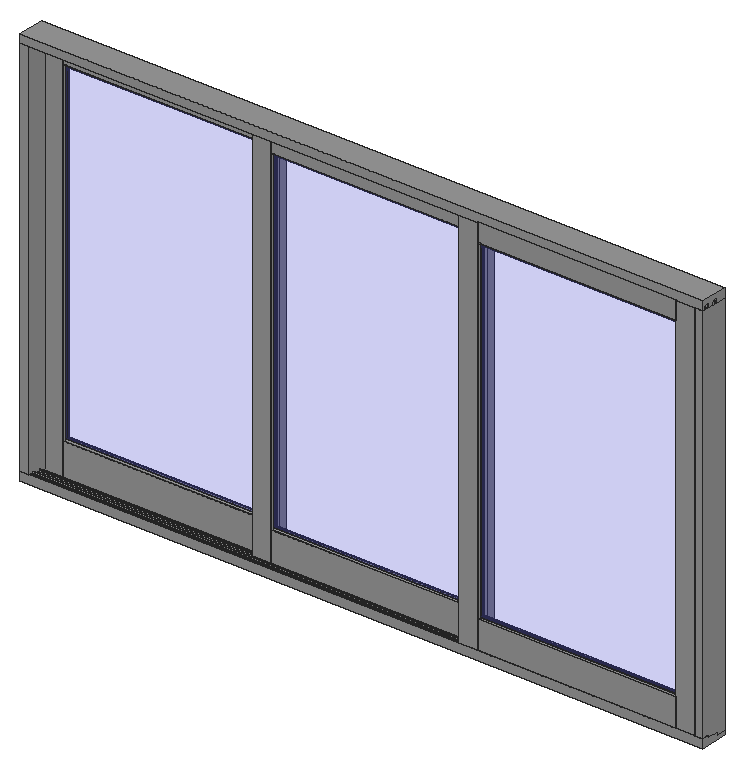
Revit family "VSD3.6TS LH", category Doors, host Wall, Revit 2015
Parameters (values of type "VSD3.6TS LH")
  Function = Interior
  Frame Projection Ext. = 25 mm
  Frame Projection Int. = 25 mm
  Frame Width = 75 mm
  Height = 2100 mm
  Wall Closure = By host
  Width = 3580 mm
Reference planes
  plane 1: y = 0
  plane 2 "Center (Left/Right)": x = 0
  plane 3 "Left": x = -1790
  plane 4 "Right": x = 1790
  plane 5: z = 2100
  plane 6 "Exterior": y = 75
  plane 7 "Interior": y = -75
  plane 8: x = 1745
  plane 9: x = 1640
  plane 10: x = -1745
  plane 11: x = -1640
  plane 12: x = 616.667
  plane 13: x = 511.667
  plane 14: x = -616.667
  plane 15: x = -511.667
  plane 16: x = 616.667
  plane 17: x = 511.667
  plane 18: x = -616.667
  plane 19: x = -511.667
  plane 20: x = -1640
  plane 21: x = -1745
  plane 22: x = -511.667
  plane 23: x = -616.667
Forms (mm)
  Extrusion 1, solid, material "Lauan, Meranti"
    sketch origin (0, 79.18, -119.746) x (0, 1, 0) y (0, 0, -1)
      loop
        line (-149.18, -119.746) -> (-149.18, -164.746) -> (-141.18, -164.746) -> (-141.18, -163.746) -> (-117.18, -163.746) -> (-117.18, -152.746) -> (-85.18, -152.746) -> (-85.18, -151.746) -> (-61.18, -151.746) -> (-61.18, -140.746) -> (-9.18, -140.746) -> (-9.18, -119.746) -> (-149.18, -119.746)
    from -1790 to 1790
  Extrusion 2, solid, material "Lauan, Meranti"
    sketch origin (0, 0, 0) x (0, 1, 0) y (0, 0, -1)
      loop
        line (70, -2100) -> (70, -2055) -> (17, -2055) -> (17, -2075) -> (-5, -2075) -> (-5, -2055) -> (-39, -2055) -> (-39, -2075) -> (-61, -2075) -> (-61, -2055) -> (-70, -2055) -> (-70, -2100) -> (70, -2100)
    from -1790 to 1790
  Extrusion 3, solid, material "Lauan, Meranti"
    sketch origin (0, 0, 0) x (-1, 0, 0) y (0, -1, 0)
      loop
        line (-1790, -70) -> (-1747, -70) -> (-1747, -50) -> (-1745, -50) -> (-1745, 70) -> (-1790, 70) -> (-1790, -70)
      loop
        line (1790, -70) -> (1790, 70) -> (1745, 70) -> (1745, -50) -> (1747, -50) -> (1747, -70) -> (1790, -70)
    from 45 to 2055
  Extrusion 4, solid, material "Lauan, Meranti"
    sketch origin (0, 0, 0) x (-1, 0, 0) y (0, -1, 0)
      loop
        line (-1745, -50) -> (-1745, 38) -> (-1790, 38) -> (-1790, -70) -> (-1747, -70) -> (-1747, -50) -> (-1745, -50)
      loop
        line (1745, -50) -> (1747, -50) -> (1747, -70) -> (1790, -70) -> (1790, 38) -> (1745, 38) -> (1745, -50)
    from 33 to 45
  Extrusion 5, solid, material "Steel, Chrome Plated"
    sketch origin (0, 0, 0) x (0, 1, 0) y (0, 0, -1)
      loop
        line (-38, -45) -> (-38, -44) -> (-62, -44) -> (-62, -45) -> (-51, -45) -> (-51, -46.882)
        arc (-51, -46.882) -> (-50, -49.5) -> (-49, -46.882) r 1.5
        line (-49, -46.882) -> (-49, -45) -> (-38, -45)
    from -1790 to 1790
  Extrusion 6, solid, material "Lauan, Meranti"
    sketch origin (0, 0, 0) x (-1, 0, 0) y (0, -1, 0)
      loop
        line (-1790, -70) -> (-1747, -70) -> (-1747, -50) -> (-1745, -50) -> (-1745, -18) -> (-1790, -18) -> (-1790, -70)
      loop
        line (1790, -70) -> (1790, -18) -> (1745, -18) -> (1745, -50) -> (1747, -50) -> (1747, -70) -> (1790, -70)
    from 21 to 33
  Extrusion 7, solid, material "Steel, Chrome Plated"
    sketch origin (0, 56, -12) x (0, 1, 0) y (0, 0, -1)
      loop
        line (-38, -45) -> (-38, -44) -> (-62, -44) -> (-62, -45) -> (-51, -45) -> (-51, -46.882)
        arc (-51, -46.882) -> (-50, -49.5) -> (-49, -46.882) r 1.5
        line (-49, -46.882) -> (-49, -45) -> (-38, -45)
    from -616.667 to 1790
  Extrusion 8, solid, material "Lauan, Meranti"
    sketch origin (0, 0, 0) x (-1, 0, 0) y (0, -1, 0)
      loop
        line (-1649, 70) -> (-1745, 70) -> (-1745, 30) -> (-1649, 30) -> (-1649, 60) -> (-1640, 60) -> (-1640, 62) -> (-1642, 62)
        arc (-1642, 62) -> (-1644.265, 66.44) -> (-1649, 68) r 6.549
        line (-1649, 68) -> (-1649, 70)
      loop
        line (-607.667, 70) -> (-607.667, 68)
        arc (-607.667, 68) -> (-612.401, 66.44) -> (-614.667, 62) r 6.549
        line (-614.667, 62) -> (-616.667, 62) -> (-616.667, 60) -> (-607.667, 60) -> (-607.667, 30) -> (-511.667, 30) -> (-511.667, 70) -> (-607.667, 70)
    from 45 to 2055
  Extrusion 9, solid, material "Lauan, Meranti"
    sketch origin (-1630, 104, 0) x (-1, 0, 0) y (0, -1, 0)
      loop
        line (19, 70) -> (19, 68)
        arc (19, 68) -> (14.265, 66.44) -> (12, 62) r 6.549
        line (12, 62) -> (10, 62) -> (10, 60) -> (19, 60) -> (19, 30) -> (115, 30) -> (115, 70) -> (19, 70)
      loop
        line (-1022.333, 70) -> (-1118.333, 70) -> (-1118.333, 30) -> (-1022.333, 30) -> (-1022.333, 60) -> (-1013.333, 60) -> (-1013.333, 62) -> (-1015.333, 62)
        arc (-1015.333, 62) -> (-1017.599, 66.44) -> (-1022.333, 68) r 6.549
        line (-1022.333, 68) -> (-1022.333, 70)
    from 21 to 2055
  Extrusion 10, solid, material "Lauan, Meranti"
    sketch origin (-1240.468, 46.5, 0) x (0, 1, 0) y (0, 0, -1)
      loop
        arc (-4.5, -1952) -> (-8.866, -1954.33) -> (-10.5, -1959) r 6.807
        line (-10.5, -1959) -> (-12.5, -1959) -> (-12.5, -2055) -> (27.5, -2055) -> (27.5, -1959) -> (-2.5, -1959) -> (-2.5, -1950) -> (-4.5, -1950) -> (-4.5, -1952)
      loop
        line (-12.5, -192) -> (-10.5, -192)
        arc (-10.5, -192) -> (-8.866, -196.67) -> (-4.5, -199) r 6.807
        line (-4.5, -199) -> (-4.5, -201) -> (-2.5, -201) -> (-2.5, -192) -> (27.5, -192) -> (27.5, -21) -> (-12.5, -21) -> (-12.5, -192)
    from -632.801 to 408.532
  Extrusion 11, solid, material "Lauan, Meranti"
    sketch origin (-260.468, 46.5, 0) x (0, 1, 0) y (0, 0, -1)
      loop
        arc (-52.5, -1952) -> (-56.866, -1954.33) -> (-58.5, -1959) r 6.807
        line (-58.5, -1959) -> (-60.5, -1959) -> (-60.5, -2055) -> (-20.5, -2055) -> (-20.5, -1959) -> (-50.5, -1959) -> (-50.5, -1950) -> (-52.5, -1950) -> (-52.5, -1952)
      loop
        line (-60.5, -192) -> (-58.5, -192)
        arc (-58.5, -192) -> (-56.866, -196.67) -> (-52.5, -199) r 6.807
        line (-52.5, -199) -> (-52.5, -201) -> (-50.5, -201) -> (-50.5, -192) -> (-20.5, -192) -> (-20.5, -33) -> (-60.5, -33) -> (-60.5, -192)
    from -781.134 to 260.199
  Extrusion 12, solid, material "Lauan, Meranti"
    sketch origin (-815, 56, 0) x (-1, 0, 0) y (0, -1, 0)
      loop
        line (-1335.667, 70) -> (-1431.667, 70) -> (-1431.667, 30) -> (-1335.667, 30) -> (-1335.667, 60) -> (-1326.667, 60) -> (-1326.667, 62) -> (-1328.667, 62)
        arc (-1328.667, 62) -> (-1330.932, 66.44) -> (-1335.667, 68) r 6.549
        line (-1335.667, 68) -> (-1335.667, 70)
      loop
        line (-294.333, 70) -> (-294.333, 68)
        arc (-294.333, 68) -> (-299.068, 66.44) -> (-301.333, 62) r 6.549
        line (-301.333, 62) -> (-303.333, 62) -> (-303.333, 60) -> (-294.333, 60) -> (-294.333, 30) -> (-198.333, 30) -> (-198.333, 70) -> (-294.333, 70)
    from 33 to 2055
  Extrusion 13, solid, material "Lauan, Meranti"
    sketch origin (659.532, 46.5, 0) x (0, 1, 0) y (0, 0, -1)
      loop
        arc (-108.5, -1952) -> (-112.866, -1954.33) -> (-114.5, -1959) r 6.807
        line (-114.5, -1959) -> (-116.5, -1959) -> (-116.5, -2055) -> (-76.5, -2055) -> (-76.5, -1959) -> (-106.5, -1959) -> (-106.5, -1950) -> (-108.5, -1950) -> (-108.5, -1952)
      loop
        line (-116.5, -192) -> (-114.5, -192)
        arc (-114.5, -192) -> (-112.866, -196.67) -> (-108.5, -199) r 6.807
        line (-108.5, -199) -> (-108.5, -201) -> (-106.5, -201) -> (-106.5, -192) -> (-76.5, -192) -> (-76.5, -45) -> (-116.5, -45) -> (-116.5, -192)
    from -989.468 to 51.866
  Sweep 14, solid, material "Lauan, Meranti"
    path origin (-396.541, -71.95, -1407.63) x (-1, 0, 0) y (0, 0, -1)
      loop
        line (211.126, -3366.63) -> (1252.459, -3366.63) -> (1252.459, -1599.63) -> (211.126, -1599.63) -> (211.126, -3366.63)
    profile origin (-1128.333, -71.95, 1959) x (0, 0, -1) y (0, -1, 0)
      loop
        line (9, -124.5) -> (0, -124.5) -> (0, -132.5)
        arc (0, -132.5) -> (4.67, -130.866) -> (7, -126.5) r 6.807
        line (7, -126.5) -> (9, -126.5) -> (9, -124.5)
  Extrusion 15, solid, material "Glass"
    sketch origin (-691.517, -61, -241.167) x (-1, 0, 0) y (0, 0, -1)
      loop
        line (-83.85, -2200.167) -> (957.483, -2200.167) -> (957.483, -433.167) -> (-83.85, -433.167) -> (-83.85, -2200.167)
    from -112.5 to -106.1
  Sweep 16, solid, material "Lauan, Meranti"
    path origin (418.469, -119.95, -1407.63) x (-1, 0, 0) y (0, 0, -1)
      loop
        line (-102.198, -3366.63) -> (939.136, -3366.63) -> (939.136, -1599.63) -> (-102.198, -1599.63) -> (-102.198, -3366.63)
    profile origin (0, -119.95, 1959) x (0, 0, -1) y (0, -1, 0)
      loop
        line (9, -124.5) -> (0, -124.5) -> (0, -132.5)
        arc (0, -132.5) -> (4.67, -130.866) -> (7, -126.5) r 6.807
        line (7, -126.5) -> (9, -126.5) -> (9, -124.5)
  Extrusion 17, solid, material "Glass"
    sketch origin (123.493, -109, -241.167) x (-1, 0, 0) y (0, 0, -1)
      loop
        line (-397.174, -2200.167) -> (644.159, -2200.167) -> (644.159, -433.167) -> (-397.174, -433.167) -> (-397.174, -2200.167)
    from -112.5 to -106.1
  Sweep 18, solid, material "Lauan, Meranti"
    path origin (1233.469, -175.95, -1407.63) x (-1, 0, 0) y (0, 0, -1)
      loop
        line (-415.541, -3366.63) -> (625.802, -3366.63) -> (625.802, -1599.63) -> (-415.541, -1599.63) -> (-415.541, -3366.63)
    profile origin (1128.338, -175.95, 1959) x (0, 0, -1) y (0, -1, 0)
      loop
        line (9, -124.5) -> (0, -124.5) -> (0, -132.5)
        arc (0, -132.5) -> (4.67, -130.866) -> (7, -126.5) r 6.807
        line (7, -126.5) -> (9, -126.5) -> (9, -124.5)
  Extrusion 19, solid, material "Glass"
    sketch origin (938.493, -165, -241.167) x (-1, 0, 0) y (0, 0, -1)
      loop
        line (-710.517, -2200.167) -> (330.826, -2200.167) -> (330.826, -433.167) -> (-710.517, -433.167) -> (-710.517, -2200.167)
    from -112.5 to -106.1
  Extrusion 20, solid, material "Steel, Chrome Plated"
    sketch origin (0, 0, 0) x (0, 1, 0) y (0, 0, -1)
      loop
        line (16.5, -2075) -> (16.5, -2055) -> (14.3, -2055) -> (14.3, -2072.8) -> (-2.3, -2072.8) -> (-2.3, -2055) -> (-4.5, -2055) -> (-4.5, -2075) -> (16.5, -2075)
    from -1790 to 1790
  Extrusion 21, solid, material "Steel, Chrome Plated"
    sketch origin (0, -56, 0) x (0, 1, 0) y (0, 0, -1)
      loop
        line (16.5, -2075) -> (16.5, -2055) -> (14.3, -2055) -> (14.3, -2072.8) -> (-2.3, -2072.8) -> (-2.3, -2055) -> (-4.5, -2055) -> (-4.5, -2075) -> (16.5, -2075)
    from -1790 to 1790
Cuts and joins
  joined: Extrusion 3, Extrusion 4, Extrusion 6
Lines and regions (mm)
  Opening 1
    outline origin (-5000, 75, 0) x (-1, 0, 0) y (0, 0, 1)
      loop
        line (-6790, 0) -> (-3210, 0) -> (-3210, 2100) -> (-6790, 2100) -> (-6790, 0)
  model lines
    curve 1: line (255.153, 99.5, 1050) -> (-85.77, 99.5, 1050)
    curve 2: line (-224.847, 99.5, 1050) -> (-85.77, 99.5, 1106.191)
    curve 3: line (-85.77, 99.5, 1106.191) -> (-85.77, 99.5, 993.809)
    curve 4: line (-224.847, 99.5, 1050) -> (-85.77, 99.5, 993.809)
    curve 5: line (1540.153, 99.5, 1050) -> (1199.23, 99.5, 1050)
    curve 6: line (1060.153, 99.5, 1050) -> (1199.23, 99.5, 1106.191)
    curve 7: line (1199.23, 99.5, 1106.191) -> (1199.23, 99.5, 993.809)
    curve 8: line (1060.153, 99.5, 1050) -> (1199.23, 99.5, 993.809)
Text (mm)
  text "Exterior" at (-2295.016, 1099.543, 0), in view "Ref. Level"
  text "Exterior" at (0, 1615.38, 3698.081), in view "Left"
  text "Exterior" at (0, 1036.032, 3874.932), in view "Right"
Dimensions and locks
  equal spacing: plane 3 "Left", plane 2 "Center (Left/Right)", plane 4 "Right"
  "Width": plane 3 "Left" to plane 4 "Right"
  "Height": plane 5 to host wall
  host wall to plane 5 = 2100 mm  (x2)
  locked: plane 6 "Exterior" to host wall at 0
  locked: plane 7 "Interior" to host wall
  plane 3 "Left" to plane 4 "Right" = 3580 mm
  aligned and locked: plane 1 to host wall
  aligned and locked: Opening 1 sketch curve to level
Automatic sketch dimensions
  curve 2 to plane 2 "Center (Left/Right)" = 224.847 mm
  curve 2 to plane 2 "Center (Left/Right)" = 85.77 mm
  plane 4 "Right" to curve 6 = 729.847 mm
  curve 6 to curve 6 = 139.078 mm
  level to curve 4 = 993.809 mm
  level to curve 7 = 993.809 mm
  curve 7 to curve 8 = 56.191 mm
  curve 3 to curve 4 = 56.191 mm
  curve 3 to curve 3 = 112.382 mm
  curve 7 to curve 7 = 112.382 mm
  plane 2 "Center (Left/Right)" to curve 1 = 255.153 mm
  plane 4 "Right" to curve 5 = 249.847 mm
  curve 1 to curve 2 = 56.191 mm
  curve 5 to curve 6 = 56.191 mm
  plane 4 "Right" to Opening 1 sketch curve = 0 mm
  plane 3 "Left" to Opening 1 sketch curve = 0 mm
  Opening 1 sketch curve to plane 5 = 0 mm
  Extrusion 1 sketch curve to level = 0 mm
  Extrusion 1 sketch curve to host wall = 5 mm  (x2)
  Extrusion 1 sketch curve to Extrusion 1 sketch curve = 8 mm
  Extrusion 1 sketch curve to Extrusion 1 sketch curve = 24 mm
  host wall to Extrusion 1 sketch curve = 6 mm
  Extrusion 1 sketch curve to host wall = 18 mm
  level to Extrusion 1 sketch curve = 21 mm
  Extrusion 1 sketch curve to Extrusion 1 sketch curve = 11 mm  (x2)
  Extrusion 1 sketch curve to Extrusion 1 sketch curve = 1 mm  (x2)
  plane 5 to Extrusion 2 sketch curve = 0 mm
  Extrusion 2 sketch curve to host wall = 5 mm  (x2)
  Extrusion 2 sketch curve to Extrusion 2 sketch curve = 9 mm
  Extrusion 2 sketch curve to Extrusion 2 sketch curve = 22 mm
  host wall to Extrusion 2 sketch curve = 5 mm
  Extrusion 2 sketch curve to host wall = 17 mm
  plane 5 to Extrusion 2 sketch curve = 25 mm  (x2)
  Extrusion 2 sketch curve to Extrusion 2 sketch curve = 20 mm  (x3)
  Extrusion 3 sketch curve to plane 4 "Right" = 0 mm
  Extrusion 3 sketch curve to plane 3 "Left" = 0 mm
  Extrusion 3 sketch curve to plane 4 "Right" = 43 mm
  host wall to Extrusion 3 sketch curve = 5 mm  (x4)
  Extrusion 3 sketch curve to Extrusion 3 sketch curve = 45 mm
  plane 3 "Left" to Extrusion 3 sketch curve = 45 mm
  Extrusion 3 sketch curve to Extrusion 3 sketch curve = 2 mm
  host wall to Extrusion 3 sketch curve = 25 mm  (x2)
  Extrusion 4 sketch curve to plane 4 "Right" = 0 mm
  Extrusion 4 sketch curve to plane 3 "Left" = 0 mm
  Extrusion 4 sketch curve to plane 4 "Right" = 43 mm
  Extrusion 4 sketch curve to Extrusion 4 sketch curve = 2 mm  (x2)
  plane 3 "Left" to Extrusion 4 sketch curve = 45 mm
  host wall to Extrusion 4 sketch curve = 5 mm  (x2)
  host wall to Extrusion 4 sketch curve = 25 mm
  Extrusion 4 sketch curve to Extrusion 4 sketch curve = 20 mm
  host wall to Extrusion 4 sketch curve = 37 mm  (x2)
  Extrusion 5 sketch curve to host wall = 13 mm
  Extrusion 5 sketch curve to Extrusion 5 sketch curve = 11 mm  (x2)
  Extrusion 5 sketch curve to Extrusion 5 sketch curve = 1 mm  (x3)
  level to Extrusion 5 sketch curve = 48 mm
  Extrusion 5 sketch curve to Extrusion 5 sketch curve = 1.118 mm
  Extrusion 5 sketch curve to Extrusion 5 sketch curve = 1.882 mm  (x2)
  Extrusion 6 sketch curve to plane 4 "Right" = 0 mm
  Extrusion 6 sketch curve to plane 3 "Left" = 0 mm
  host wall to Extrusion 6 sketch curve = 5 mm  (x2)
  Extrusion 6 sketch curve to Extrusion 6 sketch curve = 43 mm
  Extrusion 6 sketch curve to Extrusion 6 sketch curve = 2 mm  (x2)
  host wall to Extrusion 6 sketch curve = 18 mm  (x2)
  plane 3 "Left" to Extrusion 6 sketch curve = 45 mm
  Extrusion 6 sketch curve to Extrusion 6 sketch curve = 20 mm
  host wall to Extrusion 6 sketch curve = 25 mm
  host wall to Extrusion 7 sketch curve = 6 mm
  Extrusion 7 sketch curve to host wall = 5 mm
  Extrusion 7 sketch curve to Extrusion 7 sketch curve = 1 mm  (x3)
  Extrusion 7 sketch curve to Extrusion 7 sketch curve = 11 mm
  level to Extrusion 7 sketch curve = 36 mm
  Extrusion 7 sketch curve to Extrusion 7 sketch curve = 1.118 mm
  Extrusion 7 sketch curve to Extrusion 7 sketch curve = 1.882 mm  (x2)
  Extrusion 8 sketch curve to plane 8 = 0 mm
  Extrusion 8 sketch curve to plane 9 = 0 mm
  Extrusion 8 sketch curve to plane 12 = 0 mm
  Extrusion 8 sketch curve to plane 13 = 0 mm
  Extrusion 8 sketch curve to plane 9 = 9 mm  (x2)
  Extrusion 8 sketch curve to Extrusion 8 sketch curve = 0.473 mm  (x3)
  Extrusion 8 sketch curve to Extrusion 8 sketch curve = 2 mm  (x5)
  Extrusion 8 sketch curve to Extrusion 8 sketch curve = 6.527 mm
  host wall to Extrusion 8 sketch curve = 5 mm  (x2)
  Extrusion 8 sketch curve to Extrusion 8 sketch curve = 6 mm  (x2)
  Extrusion 8 sketch curve to Extrusion 8 sketch curve = 1.468 mm
  Extrusion 8 sketch curve to host wall = 30 mm  (x2)
  Extrusion 9 sketch curve to plane 22 = 0 mm
  Extrusion 9 sketch curve to plane 23 = 0 mm
  Extrusion 9 sketch curve to plane 20 = 0 mm
  Extrusion 9 sketch curve to plane 21 = 0 mm
  Extrusion 9 sketch curve to Extrusion 9 sketch curve = 9 mm
  Extrusion 9 sketch curve to Extrusion 9 sketch curve = 0 mm
  Extrusion 9 sketch curve to Extrusion 9 sketch curve = 0.473 mm  (x2)
  Extrusion 9 sketch curve to Extrusion 9 sketch curve = 2 mm  (x4)
  Extrusion 9 sketch curve to Extrusion 9 sketch curve = 6.527 mm
  Extrusion 9 sketch curve to host wall = 1 mm  (x2)
  Extrusion 9 sketch curve to plane 20 = 9 mm
  Extrusion 9 sketch curve to host wall = 31 mm
  Extrusion 9 sketch curve to Extrusion 9 sketch curve = 30 mm
  Extrusion 9 sketch curve to Extrusion 9 sketch curve = 1.468 mm  (x2)
  Extrusion 9 sketch curve to host wall = 34 mm  (x2)
  Extrusion 10 sketch curve to host wall = 34 mm  (x2)
  Extrusion 10 sketch curve to Extrusion 10 sketch curve = 2 mm  (x6)
  Extrusion 10 sketch curve to Extrusion 10 sketch curve = 6 mm  (x2)
  Extrusion 10 sketch curve to Extrusion 10 sketch curve = 0.803 mm
  Extrusion 10 sketch curve to Extrusion 10 sketch curve = 6.803 mm
  Extrusion 10 sketch curve to host wall = 1 mm  (x2)
  plane 5 to Extrusion 10 sketch curve = 45 mm
  Extrusion 10 sketch curve to Extrusion 10 sketch curve = 96 mm
  Extrusion 10 sketch curve to Extrusion 10 sketch curve = 0 mm
  Extrusion 10 sketch curve to Extrusion 10 sketch curve = 0.241 mm  (x2)
  level to Extrusion 10 sketch curve = 201 mm
  Extrusion 10 sketch curve to Extrusion 10 sketch curve = 6.759 mm
  level to Extrusion 10 sketch curve = 21 mm
  host wall to Extrusion 11 sketch curve = 14 mm  (x2)
  Extrusion 11 sketch curve to Extrusion 11 sketch curve = 2 mm  (x4)
  host wall to Extrusion 11 sketch curve = 6 mm  (x2)
  host wall to Extrusion 11 sketch curve = 5.197 mm  (x2)
  Extrusion 11 sketch curve to Extrusion 11 sketch curve = 1.197 mm  (x2)
  Extrusion 11 sketch curve to host wall = 26 mm  (x2)
  plane 5 to Extrusion 11 sketch curve = 45 mm
  Extrusion 11 sketch curve to Extrusion 11 sketch curve = 96 mm
  Extrusion 11 sketch curve to Extrusion 11 sketch curve = 0 mm
  Extrusion 11 sketch curve to Extrusion 11 sketch curve = 0.241 mm  (x2)
  level to Extrusion 11 sketch curve = 201 mm
  Extrusion 11 sketch curve to Extrusion 11 sketch curve = 6.759 mm
  level to Extrusion 11 sketch curve = 33 mm
  Extrusion 12 sketch curve to plane 16 = 0 mm
  Extrusion 12 sketch curve to plane 17 = 0 mm
  Extrusion 12 sketch curve to plane 19 = 0 mm
  Extrusion 12 sketch curve to plane 18 = 0 mm
  plane 17 to Extrusion 12 sketch curve = 9 mm  (x2)
  Extrusion 12 sketch curve to Extrusion 12 sketch curve = 0.473 mm  (x3)
  Extrusion 12 sketch curve to Extrusion 12 sketch curve = 2 mm  (x4)
  host wall to Extrusion 12 sketch curve = 5.468 mm  (x2)
  Extrusion 12 sketch curve to Extrusion 12 sketch curve = 6.527 mm
  host wall to Extrusion 12 sketch curve = 4 mm
  Extrusion 12 sketch curve to Extrusion 12 sketch curve = 1.468 mm
  Extrusion 12 sketch curve to host wall = 26 mm  (x2)
  host wall to Extrusion 12 sketch curve = 14 mm  (x2)
  Extrusion 13 sketch curve to host wall = 5 mm  (x2)
  Extrusion 13 sketch curve to Extrusion 13 sketch curve = 2 mm  (x4)
  Extrusion 13 sketch curve to Extrusion 13 sketch curve = 6 mm  (x2)
  Extrusion 13 sketch curve to Extrusion 13 sketch curve = 0.803 mm
  Extrusion 13 sketch curve to Extrusion 13 sketch curve = 6.803 mm
  Extrusion 13 sketch curve to Extrusion 13 sketch curve = 1.197 mm  (x2)
  host wall to Extrusion 13 sketch curve = 30 mm  (x2)
  plane 5 to Extrusion 13 sketch curve = 45 mm
  Extrusion 13 sketch curve to Extrusion 13 sketch curve = 96 mm
  Extrusion 13 sketch curve to Extrusion 13 sketch curve = 0 mm
  Extrusion 13 sketch curve to Extrusion 13 sketch curve = 0.241 mm  (x2)
  level to Extrusion 13 sketch curve = 201 mm
  Extrusion 13 sketch curve to Extrusion 13 sketch curve = 6.759 mm
  level to Extrusion 13 sketch curve = 45 mm
  level to Sweep 14 sketch curve = 192 mm
  Sweep 14 sketch curve to plane 2 "Center (Left/Right)" = 607.667 mm
  Sweep 14 sketch curve to plane 3 "Left" = 141 mm
  plane 5 to Sweep 14 sketch curve = 141 mm
  Sweep 14 sketch curve to profile plane = 0 mm
  Sweep 14 sketch curve to profile plane = 0.241 mm
  Sweep 14 sketch curve to Sweep 14 sketch curve = 6.759 mm
  Sweep 14 sketch curve to Sweep 14 sketch curve = 2 mm  (x2)
  Sweep 14 sketch curve to profile plane = 132.5 mm
  Sweep 14 sketch curve to Sweep 14 sketch curve = 6 mm
  level to Extrusion 15 sketch curve = 192 mm
  Extrusion 15 sketch curve to plane 2 "Center (Left/Right)" = 607.667 mm
  Extrusion 15 sketch curve to plane 3 "Left" = 141 mm
  plane 5 to Extrusion 15 sketch curve = 141 mm
  level to Sweep 16 sketch curve = 192 mm
  plane 2 "Center (Left/Right)" to Sweep 16 sketch curve = 520.667 mm
  Sweep 16 sketch curve to plane 2 "Center (Left/Right)" = 520.667 mm
  plane 5 to Sweep 16 sketch curve = 141 mm
  Sweep 16 sketch curve to profile plane = 0 mm
  Sweep 16 sketch curve to profile plane = 0.241 mm
  Sweep 16 sketch curve to Sweep 16 sketch curve = 6.759 mm
  Sweep 16 sketch curve to Sweep 16 sketch curve = 2 mm  (x2)
  Sweep 16 sketch curve to profile plane = 132.5 mm
  Sweep 16 sketch curve to Sweep 16 sketch curve = 6 mm
  level to Extrusion 17 sketch curve = 192 mm
  plane 2 "Center (Left/Right)" to Extrusion 17 sketch curve = 520.667 mm
  Extrusion 17 sketch curve to plane 2 "Center (Left/Right)" = 520.667 mm
  plane 5 to Extrusion 17 sketch curve = 141 mm
  plane 4 "Right" to Sweep 18 sketch curve = 140.99 mm
  level to Sweep 18 sketch curve = 192 mm
  plane 2 "Center (Left/Right)" to Sweep 18 sketch curve = 607.667 mm
  plane 5 to Sweep 18 sketch curve = 141 mm
  Sweep 18 sketch curve to profile plane = 0 mm
  Sweep 18 sketch curve to profile plane = 0.241 mm
  Sweep 18 sketch curve to Sweep 18 sketch curve = 6.759 mm
  Sweep 18 sketch curve to Sweep 18 sketch curve = 2 mm  (x2)
  Sweep 18 sketch curve to profile plane = 132.5 mm
  Sweep 18 sketch curve to Sweep 18 sketch curve = 6 mm
  plane 4 "Right" to Extrusion 19 sketch curve = 140.99 mm
  level to Extrusion 19 sketch curve = 192 mm
  plane 2 "Center (Left/Right)" to Extrusion 19 sketch curve = 607.667 mm
  plane 5 to Extrusion 19 sketch curve = 141 mm
  host wall to Extrusion 20 sketch curve = 4.5 mm
  host wall to Extrusion 20 sketch curve = 2.3 mm
  Extrusion 20 sketch curve to host wall = 14.3 mm
  Extrusion 20 sketch curve to Extrusion 20 sketch curve = 2.2 mm  (x2)
  plane 5 to Extrusion 20 sketch curve = 25 mm
  Extrusion 20 sketch curve to Extrusion 20 sketch curve = 17.8 mm  (x2)
  Extrusion 21 sketch curve to host wall = 14.5 mm
  Extrusion 21 sketch curve to Extrusion 21 sketch curve = 2.2 mm  (x3)
  Extrusion 21 sketch curve to Extrusion 21 sketch curve = 16.6 mm
  plane 5 to Extrusion 21 sketch curve = 25 mm
  Extrusion 21 sketch curve to Extrusion 21 sketch curve = 17.8 mm  (x2)
